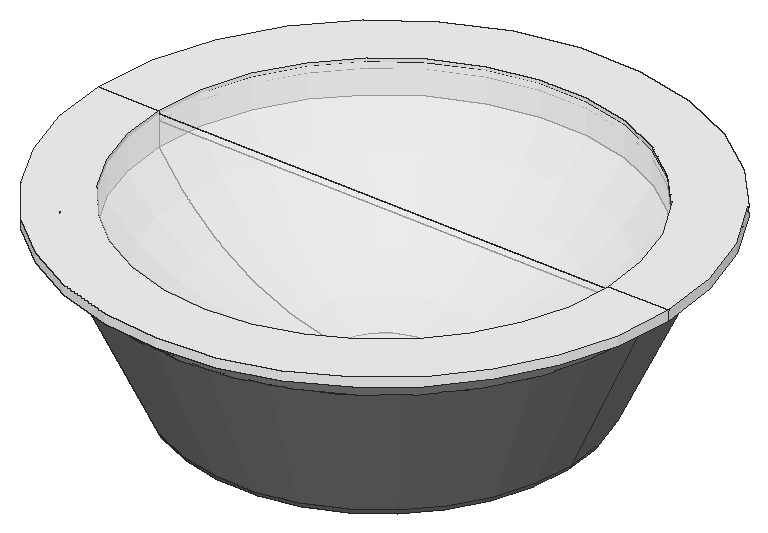
Revit family "0030303", category Lighting Fixtures, host Face, Revit 2016
Family settings
  Host = Face
  Part Type = Normal
  Round Connector Dimension = Use Diameter
  OmniClass Number = 23.80.70.00
  OmniClass Title = Lighting
  Cut with Voids When Loaded = No
  Light Source = Yes
  Shared = No
  Room Calculation Point = No
Parameters (values of type "0030303 Insaver Slim UGR19 IP44 175 1600lm 840")
  WidthBezel_SYL = if(Size1_SYL, 20 mm, if(Size2_SYL, 20 mm, if(Size3PIR_SYL, 30 mm, if(Size4_SYL, 20 mm, 20 mm))))  # 20 mm
  Weight = "6.72 kg"
  Wattage Comments = ""
  Wattage = 13 W
  WarrantyStartDate [instance] = "n/a"
  WarrantyGuarantorParts = "n/a"
  WarrantyDurationUnit = "n/a"
  WarrantyDurationParts = "n/a"
  WarrantyDescription = "n/a"
  built-in parameter 1150110 = 1 (stored number, unit not read)
  Voltage = 230 V
  VisibilityPIR_SYL = Size3PIR_SYL  # no
  URL = "http://www.sylvania-lighting.com"
  TypeName = "Insaver Slim UGR19 IP44 175 1600lm 840"
  Type Image = <None>
  Type Comments = "n/a"
  built-in parameter 1114217 = 1 (stored number, unit not read)
  Tilt Angle = -90.00°
  built-in parameter 1150109 = 1 (stored number, unit not read)
  built-in parameter 1150134 = 12
  built-in parameter 1150113 = 1 (stored number, unit not read)
  Size4_SYL = no
  Size3PIR_SYL = no
  Size2_SYL = yes
  Size1_SYL = no
  SerialNumber [instance] = "n/a"
  RadiusTop_SYL = 6 mm
  RadiusReflector_SYL = if(Size1_SYL, 85 mm, if(Size2_SYL, 85 mm, if(Size3PIR_SYL, 85 mm, if(Size4_SYL, 100 mm, 120 mm))))  # 85 mm
  Photometric Web File = "0030303.ies"
  Material_3_FEILO = Top-Sylvania-STARTDownlight
  PowerFactor = 0.9
  PowerConsumption = "13 W"
  NominalLength = 195 mm
  NominalHeight = 60 mm
  NominalDepth = 195 mm
  Name = "Insaver Slim UGR19 IP44 175 1600lm 840"
  ModelReference = Name  # "Insaver Slim UGR19 IP44 175 1600lm 840"
  ModelNumber = "0030303"
  Model = Name  # "Insaver Slim UGR19 IP44 175 1600lm 840"
  Material = "aluminium housing, na diffuser"
  ManufacturerName = "Feilo Sylvania"
  Manufacturer = "Feilo Sylvania"
  LuminousEfficacy = "123 lm/W"
  built-in parameter 1150105 = 127.24 (stored number, unit not read)
  Lumens = 1599 lm
  LuminaireType = ""
  built-in parameter 1150115 = 1 (stored number, unit not read)
  LightOutputRatio = "n/a"
  built-in parameter 1150137 = (empty or 0)
  built-in parameter 1150139 = (empty or 0)
  LampsType = Lamp  # "LED"
  LampNominalLuminous = "1600 lm"
  LampMacAdamStep = "5"
  LampColourTemperature = "4000 K"
  LampColourRenderingIndex = "80"
  built-in parameter 1150112 = 1 (stored number, unit not read)
  built-in parameter 1150114 = 1 (stored number, unit not read)
  Lamp = "LED"
  Keynote = "16500"
  InstallationDate [instance] = "n/a"
  InputVoltage = "AC 220-240 V"
  InputNominalFrequency = "50/60 Hz"
  built-in parameter 1150132 = (empty or 0)
  built-in parameter 1150102 = (empty or 0)
  built-in parameter 1150107 = 4000 (stored number, unit not read)
  built-in parameter 1150138 = (empty or 0)
  IngressProtection = "IP40/20"
  ImpactProtectionIndex = "IK07"
  built-in parameter 1150106 = 1.2724 (stored number, unit not read)
  IfcExportType = "IfcLightFixtureType"
  IfcExportAs = "IfcLightFixtureType"
  Height_SYL = if(Size1_SYL, 61 mm, if(Size2_SYL, 61 mm, if(Size3PIR_SYL, 61 mm, if(Size4_SYL, 61 mm, 60 mm))))  # 61 mm
  HeightBezel_SYL = if(Size1_SYL, 3 mm, if(Size2_SYL, 3 mm, if(Size3PIR_SYL, 3 mm, if(Size4_SYL, 3.2 mm, 3 mm))))  # 3 mm
  ExpectedLife = 50000
  Emit from Circle Diameter = Diameter_SYL - 40 mm  # 150 mm
  Emit Shape Visible in Rendering = no
  ElectricShockClassification = "Class II"
  built-in parameter 1150104 = 11.427 (stored number, unit not read)
  DurationUnit = "hours"
  DocumentationLiterature = "http://www.sylvania-lighting.com/product/en-int/products/0030303"
  DimmingControlOptions = "n/a"
  Material_2_FEILO = Diffuser-Sylvania-STARTDownlight
  Dimming Lamp Color Temperature Shift = <None>
  Diameter_SYL = if(Size1_SYL, 165 mm, if(Size2_SYL, 190 mm, if(Size3PIR_SYL, 211 mm, if(Size4_SYL, 220 mm, 240 mm))))  # 190 mm
  DiameterTop_SYL = if(Size1_SYL, 98 mm, if(Size2_SYL, 122 mm, if(Size3PIR_SYL, 120 mm, if(Size4_SYL, 135 mm, 158 mm))))  # 122 mm
  DiameterTopBase_SYL = DiameterRecess_SYL  # 170 mm
  DiameterRecess_SYL = if(Size1_SYL, 150 mm, if(Size2_SYL, 170 mm, if(Size3PIR_SYL, 186 mm, if(Size4_SYL, 200 mm, 225 mm))))  # 170 mm
  Description = ""
  Default Elevation = 1219.2 mm
  CreatedOn = "3/18/2019"
  CreatedBy = "@sylvania-lighting.com"
  Cost = 0
  Color Filter = 16777215
  built-in parameter 1114216 [instance] = (empty or 0)
  ClassificationValue = "EF_70_80"
  ClassificationName = "Uniclass2015"
  Material_1_FEILO = Trim-Sylvania-STARTDownlight-White
  BarCode [instance] = "n/a"
  built-in parameter 1114218 = 1 (stored number, unit not read)
  built-in parameter 1150133 = 10 (stored number, unit not read)
  AssetType = "Fixed"
  AssetIdentifier [instance] = "n/a"
  Assembly Code = "D5020200"
  Apparent Load = 13 VA
  Material_4_FEILO = LED-Sylvania-STARTDownlight
Types (2, lengths in mm): name | Wattage | Photometric Web File | PowerConsumption | LuminousEfficacy | built-in parameter 1150105 | Lumens | LampNominalLuminous | built-in parameter 1150106 | built-in parameter 1150104 | Apparent Load
  0030303 Insaver Slim UGR19 IP44 175 1600lm 840 | 13 W | "0030303.ies" | "13 W" | "123 lm/W" | 127.24 (stored number, unit not read) | 1599 lm | "1600 lm" | 1.2724 (stored number, unit not read) | 11.427 (stored number, unit not read) | 13 VA
  0030303 Insaver Slim UGR19 IP44 175 1600lm 840 Emergency mode | 16 W | "0030303EM.ies" | "16 W" | "27.33 lm/W" | 34.798 (stored number, unit not read) | 437.28 lm | "437 lm" | 0.34798 (stored number, unit not read) | 2.539 (stored number, unit not read) | 16 VA
Reference planes
  plane 1 "Center (Front/Back)": y = 0
  plane 2: z = 0
  plane 3 "Center (Left/Right)": x = 0
  plane 4: x = 95
  plane 5: x = -95
  plane 6: z = 3
  plane 7: z = -8
  plane 8: z = -58
  plane 9: x = -85
  plane 10: x = 85
  plane 11: x = -61
  plane 12: x = 61
  plane 13: z = -85
  plane 14: x = -75
  plane 15: z = 2
  plane 16: z = -46
  plane 17: x = -16
  plane 18: x = -80
  plane 19: x = -81.5
  plane 20: x = -99.5
  plane 21: x = -89
  plane 22: z = 5.5
  plane 23: z = 8.7
  plane 24: x = -88
  plane 25: z = 13.7
Forms (mm)
  Revolve 1, void
    sketch origin (0, 0, 0) x (1, 0, 0) y (0, 0, 1)
      loop
        line (0, 0) -> (-85, 0) -> (-85, -85) -> (0, -85) -> (0, 0)
      axis (0, 0) -> (0, -85)
    angle from 360 to 0
  Revolve 2, solid, material "Trim-Sylvania-STARTDownlight-White" <- "Material_1_FEILO"
    sketch origin (0, 0, 0) x (1, 0, 0) y (0, 0, 1)
      loop
        line (-75, 3) -> (-95, 3) -> (-95, 0) -> (-85, 0) -> (-85, -8) -> (-62.681, -54.768)
        arc (-62.681, -54.768) -> (-60.471, -57.129) -> (-57.357, -58) r 6
        line (-57.357, -58) -> (0, -58) -> (0, -46) -> (-16, -46)
        arc (-16, -46) -> (-49.605, -33.373) -> (-75, -8) r 85
        line (-75, -8) -> (-75, 3)
      axis (0, 3) -> (0, -58)
    angle from 360 to 0
  Revolve 3, solid, material "Diffuser-Sylvania-STARTDownlight" <- "Material_2_FEILO"
    sketch origin (0, 0, 0) x (1, 0, 0) y (0, 0, 1)
      loop
        line (-75, 0) -> (0, 0) -> (0, 2) -> (-75, 2) -> (-75, 0)
      axis (0, 2) -> (0, 0)
    angle from 360 to 0
  Revolve 4, solid, material "Trim-Sylvania-STARTDownlight-White" <- "Material_1_FEILO", visible <- "VisibilityPIR_SYL"
    sketch origin (0, 0, 0) x (1, 0, 0) y (0, 0, 1)
      loop
        line (-80, 3) -> (-80, 13.7)
        arc (-80, 13.7) -> (-84.717, 12.347) -> (-88, 8.7) r 8.9
        line (-88, 8.7) -> (-88, 5.5) -> (-89, 5.5) -> (-89, 3) -> (-80, 3)
      axis (-80, 13.7) -> (-80, 3)
    angle from 360 to 0
Dimensions and locks
  equal spacing: plane 4, plane 3 "Center (Left/Right)", plane 5
  "Diameter_SYL": plane 4 to plane 5
  equal spacing: plane 10, plane 3 "Center (Left/Right)", plane 9
  equal spacing: plane 12, plane 3 "Center (Left/Right)", plane 11
  "DiameterTop_SYL": plane 12 to plane 11
  "HeightBezel_SYL": plane 6 to plane 2
  "Height_SYL": plane 6 to plane 8
  locked: plane 2 to plane 7 at 8
  locked: plane 2 to plane 13 at 85
  "WidthBezel_SYL": plane 14 to plane 5
  locked: plane 6 to plane 15 at 1
  "DiameterRecess_SYL": plane 10 to plane 9
  locked: plane 3 "Center (Left/Right)" to plane 17 at 16
  locked: plane 16 to plane 8 at 12
  locked: plane 18 to plane 21 at 9
  locked: plane 22 to plane 6 at 2.5
  locked: plane 23 to plane 22 at 3.2
  locked: plane 18 to plane 24 at 8
  locked: plane 25 to plane 23 at 5
  locked: plane 25 to Revolve 4 sketch curve at 8.9
  locked: plane 18 to plane 5 at 15
  "RadiusReflector_SYL": radius of Revolve 2 sketch curve
  "RadiusTop_SYL": radius of Revolve 2 sketch curve
  aligned and locked: plane 2 to host face
  aligned and locked: level to host face
  aligned and locked: Revolve 1 sketch curve to plane 3 "Center (Left/Right)"
  aligned and locked: plane 3 "Center (Left/Right)" to Revolve 1 sketch curve
  aligned and locked: Revolve 1 sketch curve to plane 9
  aligned and locked: plane 13 to Revolve 1 sketch curve
  aligned and locked: plane 3 "Center (Left/Right)" to imposter light
  aligned and locked: imposter light to plane 15
  aligned and locked: imposter light to plane 1 "Center (Front/Back)"
  aligned and locked: Revolve 2 sketch curve to plane 3 "Center (Left/Right)"
  aligned and locked: Revolve 2 sketch curve to plane 6
  aligned and locked: Revolve 2 sketch curve to plane 5
  aligned and locked: Revolve 2 sketch curve to level
  aligned and locked: plane 7 to Revolve 2 sketch curve  (x2)
  aligned and locked: Revolve 2 sketch curve to plane 9
  aligned and locked: plane 8 to Revolve 2 sketch curve
  aligned and locked: Revolve 2 sketch curve to plane 14
  aligned and locked: plane 3 "Center (Left/Right)" to Revolve 2 sketch curve
  aligned and locked: Revolve 2 sketch curve to plane 16
  aligned and locked: Revolve 3 sketch curve to plane 3 "Center (Left/Right)"
  aligned and locked: Revolve 3 sketch curve to level
  aligned and locked: imposter light to Revolve 3 sketch curve  (x2)
  aligned and locked: Revolve 4 sketch curve to plane 18  (x2)
  aligned and locked: Revolve 4 sketch curve to plane 6
  aligned and locked: plane 22 to Revolve 4 sketch curve
  aligned and locked: plane 24 to Revolve 4 sketch curve
  aligned and locked: Revolve 4 sketch curve to Revolve 4 sketch curve
  aligned and locked: plane 21 to Revolve 4 sketch curve
Automatic sketch dimensions
  host sketch curve to host sketch curve = 2438.4 mm  (x2)
  plane 13 to Revolve 1 sketch curve = 524.6 mm
  Revolve 1 sketch curve to plane 6 = 2606.058 mm
  Revolve 1 sketch curve to level = 0 mm
  Revolve 2 sketch curve to plane 17 = 0 mm
  Revolve 2 sketch curve to plane 11 = 1.681 mm
  plane 11 to Revolve 2 sketch curve = 3.643 mm
  plane 13 to Revolve 2 sketch curve = 524.6 mm
  Revolve 2 sketch curve to Revolve 2 sketch curve = 2577.983 mm
  Revolve 3 sketch curve to plane 14 = 0 mm
  plane 13 to Revolve 3 sketch curve = 524.6 mm
  Revolve 3 sketch curve to plane 6 = 2606.058 mm
  Revolve 4 sketch curve to plane 23 = 0 mm
  plane 13 to Revolve 4 sketch curve = 524.6 mm
  Revolve 4 sketch curve to Revolve 4 sketch curve = 2595.358 mm
Connectors
  electrical at (0, 0, 0), driven by "Apparent Load", driven by "PowerFactor", driven by "Voltage"
    settings: index 1, voltage 230 V, apparent load 13 VA, apparent load phase1 0 VA, apparent load phase2 0 VA, apparent load phase3 0 VA, power factor 0.9, load classification "Lighting", number of poles 1, system type 30, power factor state 1, is connector primary yes, connector utility no, sub classification motor no, connector description ""
